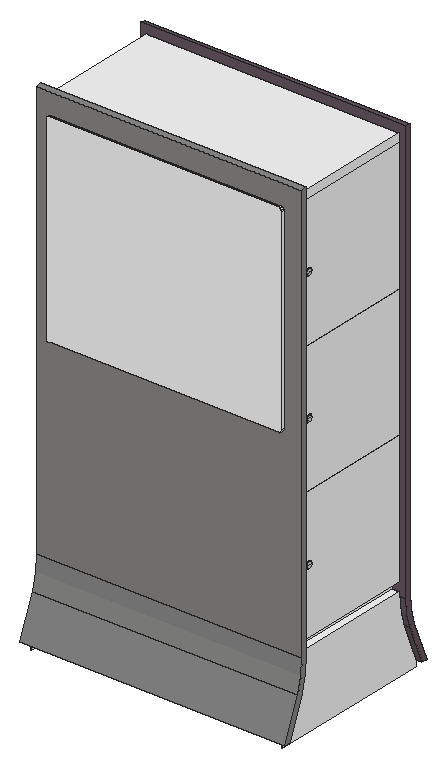
Revit family "Screen-Teknion-STBF_Qui-R2014", category Furniture, Revit 2014
Parameters (values of type "31 1/2" x 59", With Whiteboard")
  With Whiteboard = yes
  With Lock [instance] = yes
  Width = 31 1/2"
  Warranty = "http://www.teknionstudio.com/pdfs/Teknion%20Studio%20Warranty.pdf"
  Upholstery Finish of Side B [instance] = Fabric - Teknion - F223 - Full Wool - Deep Orchid
  Upholstery Finish of Side A [instance] = Fabric - Teknion - F206 - Full Wool - Fantasme
  Unit Weight = 55.00 lbf
  URL = "http://www.teknionstudio.com"
  Symbolic Lines = not(With Whiteboard)  # no
  Storage Finish = Mica - Teknion - V - Satin - Very White
  Series = "Studio"
  Product Page URL = "http://teknionstudio.com/qui_screens/"
  Product Line = "Qui"
  Product Documentation Link = "http://www.teknionstudio.com/pricing/STBF_ppg.pdf"
  Part Number = "STBF"
  Model = "STBFAM"
  Manufacturer Phone = "919-464-2920"
  Manufacturer Fax = "919-464-2927"
  Manufacturer Email = "customersupport@teknionstudio.com"
  Manufacturer Address = "3953 US 70 Business HWY West, Clayton, NC 27520"
  Manufacturer = "Studio TK"
  Low Emitting Material = yes
  Low Emitting Finish = yes
  Height = 59.72953"
  Description = "Qui Mobile Screen with Doors, 3 Doors, With Whiteboard"
  Depth = 21"
  Assembly Code = "E2020200"
Types (3): name | With Whiteboard | Symbolic Lines | Model | Description
  (no name) | yes | no | "STBFAM" | "Qui Mobile Screen with Doors, 3 Doors, With Whiteboard"
  31 1/2" x 59", With Whiteboard | yes | no | "STBFAM" | "Qui Mobile Screen with Doors, 3 Doors, With Whiteboard"
  31 1/2" x 59", Without Whiteboard | no | yes | "STBFAN" | "Qui Mobile Screen with Doors, 3 Doors, Without Whiteboard"
Reference planes (in)
  plane 1 "Center F/B": y = 0
  plane 2: z = 0
  plane 3 "Center L/R": x = 0
  plane 4 "Left": x = -15.75
  plane 5 "Right": x = 15.75
  plane 6 "Back": y = 8.03912
  plane 7 "Front": y = -8.03912
  plane 8 "Top": z = 59.72953
  plane 9: z = 58.71402
  plane 10: x = -15.00002
  plane 11: x = 14.99999
  plane 12: z = 1.51987
  plane 13: z = 9.84584
  plane 14: z = 0.76119
  plane 15: x = 14.875
  plane 16: x = -14.875
  plane 17: z = 26.464
  plane 18: z = 42.089
  plane 19: z = 10.839
  plane 20: z = 57.714
  plane 21: y = 6.07015
  plane 22: y = -6.11984
  plane 23: x = -10.875
  plane 24: x = 10.875
  plane 25: y = 8.81457
  plane 26: y = -8.81457
  plane 27: y = 10.5
  plane 28: y = -10.5
Forms (in)
  Sweep 1, solid, material "Mica - Teknion - V - Satin - Very White" <- "Storage Finish"
    path origin (0, 0, 0) x (1, 0, 0) y (0, 0, 1)
      loop
        line (-15.00002, 0) -> (14.99999, 0)
    profile origin (-0.00001, 0, 0) x (0, 0, 1) y (0, -1, 0)
      loop
        line (0.76119, -9.92672) -> (1.51987, -9.92672) -> (1.51987, -9.83171) -> (6.02694, -8.05001)
        arc (6.02694, -8.05001) -> (7.90949, -7.56741) -> (9.84584, -7.40164) r 11.75294
        line (9.84584, -7.40164) -> (9.84584, 7.40164)
        arc (9.84584, 7.40164) -> (7.90949, 7.56741) -> (6.02694, 8.05001) r 11.75294
        line (6.02694, 8.05001) -> (1.51987, 9.83171) -> (1.51987, 9.92672) -> (0.76119, 9.92672) -> (0.76119, -9.92672)
  Sweep 2, solid, material "Fabric - Teknion - F223 - Full Wool - Deep Orchid" <- "Upholstery Finish of Side B"
    path origin (0, 0, 0) x (1, 0, 0) y (0, 0, 1)
      loop
        line (-15.75, 0) -> (15.75, 0)
    profile origin (0, 0, 0) x (0, 0, 1) y (0, -1, 0)
      loop
        line (59.72953, -7.41411) -> (9.33465, -7.41411)
        arc (9.33465, -7.41411) -> (7.65789, -7.61295) -> (6.02694, -8.05001) r 11.75294
        line (6.02694, -8.05001) -> (1.51987, -9.83171) -> (1.51987, -10.50377) -> (6.1296, -8.68148)
        arc (6.1296, -8.68148) -> (7.96017, -8.20089) -> (9.84584, -8.03912) r 11.07082
        line (9.84584, -8.03912) -> (59.64177, -8.03912) -> (59.72953, -7.41411)
  Sweep 3, solid, material "Fabric - Teknion - F206 - Full Wool - Fantasme" <- "Upholstery Finish of Side A"
    path origin (0, 0, 0) x (1, 0, 0) y (0, 0, 1)
      loop
        line (-15.75, 0) -> (15.75, 0)
    profile origin (0, 0, 0) x (0, 0, 1) y (0, -1, 0)
      loop
        line (59.72953, 7.41411) -> (59.64177, 8.03912) -> (9.84584, 8.03912)
        arc (9.84584, 8.03912) -> (7.96017, 8.20089) -> (6.1296, 8.68148) r 11.07082
        line (6.1296, 8.68148) -> (1.51987, 10.50377) -> (1.51987, 9.83171) -> (6.02694, 8.05001)
        arc (6.02694, 8.05001) -> (7.91051, 7.57665) -> (9.84584, 7.41411) r 11.97077
        line (9.84584, 7.41411) -> (59.72953, 7.41411)
  Sweep 4, solid, material "Mica - Teknion - V - Satin - Very White" <- "Storage Finish"
    path origin (0, 0, 59.72953) x (-1, 0, 0) y (0, -1, 0)
      loop
        line (0, -7.41411) -> (0, 7.41411)
    profile origin (0, 0, 59.72953) x (1, 0, 0) y (0, 0, 1)
      loop
        line (-14.25002, -2.07503) -> (-15.00002, -2.07503) -> (-15.00002, -17.58103) -> (-14.25002, -17.58103) -> (-14.25002, -2.07503)
      loop
        line (-15.00002, -17.70003) -> (-15.00002, -33.20603) -> (-14.25001, -33.20603) -> (-14.25001, -17.70003) -> (-15.00002, -17.70003)
      loop
        line (-15.00002, -33.32503) -> (-15.00002, -48.83103) -> (-14.25001, -48.83103) -> (-14.25001, -33.32503) -> (-15.00002, -33.32503)
      loop
        line (14.25002, -2.07503) -> (14.25002, -17.58103) -> (14.99999, -17.58103) -> (14.99999, -2.07503) -> (14.25002, -2.07503)
      loop
        line (14.99999, -17.70003) -> (14.25001, -17.70003) -> (14.25001, -33.20603) -> (14.99999, -33.20603) -> (14.99999, -17.70003)
      loop
        line (14.99999, -33.32503) -> (14.25001, -33.32503) -> (14.25001, -48.83103) -> (14.99999, -48.83103) -> (14.99999, -33.32503)
      loop
        line (-15.00002, -1.01552) -> (-15.00002, -2.01553) -> (14.99999, -2.01553) -> (14.99999, -1.01552) -> (-15.00002, -1.01552)
  Extrusion 5, void
    sketch origin (0, 0, 0) x (0, 1, 0) y (0, 0, 1)
      loop
        line (9.92672, 1.51987) -> (9.83171, 1.51987) -> (8.85235, 3.99728) -> (4.78633, 3.99728) -> (4.78633, 4.18728) -> (8.77724, 4.18728) -> (8.05001, 6.02694)
        arc (8.05001, 6.02694) -> (7.57268, 7.87869) -> (7.40197, 9.78334) r 11.75294
        line (7.40197, 9.78334) -> (-7.40197, 9.78334)
        arc (-7.40197, 9.78334) -> (-7.57268, 7.87869) -> (-8.05001, 6.02694) r 11.75294
        line (-8.05001, 6.02694) -> (-8.77724, 4.18728) -> (-4.78633, 4.18728) -> (-4.78633, 3.99728) -> (-8.85235, 3.99728) -> (-9.83171, 1.51987) -> (-9.92672, 1.51987) -> (-9.92672, 0.76119) -> (9.92672, 0.76119) -> (9.92672, 1.51987)
    from -14.875 to 14.875
  Sweep 6, solid, material "Marker Board - Teknion - White", visible <- "With Whiteboard"
    path origin (0, 0, 0) x (1, 0, 0) y (0, 1, 0)
      loop
        line (0, -8.56457) -> (0, -8.81457)
    profile origin (0, -8.68957, 0) x (1, 0, 0) y (0, 0, 1)
      loop
        arc (-13.62501, 57.48062) -> (-13.89021, 57.37076) -> (-14.00006, 57.10556) r 0.37506
        line (-14.00006, 57.10556) -> (-14.00006, 33.8555)
        arc (-14.00006, 33.8555) -> (-13.89019, 33.59033) -> (-13.62502, 33.4805) r 0.375
        line (-13.62502, 33.4805) -> (13.62498, 33.4805)
        arc (13.62498, 33.4805) -> (13.88343, 33.58379) -> (13.99951, 33.83675) r 0.375
        line (13.99951, 33.83675) -> (13.99951, 57.10536)
        arc (13.99951, 57.10536) -> (13.8896, 57.37071) -> (13.62425, 57.48062) r 0.37526
        line (13.62425, 57.48062) -> (-13.62501, 57.48062)
  Sweep 7, solid, material "Marker Board - Teknion - White", visible <- "With Whiteboard"
    path origin (0, 0.25, 0) x (1, 0, 0) y (0, 1, 0)
      loop
        line (0, -8.28912) -> (0, -8.81457)
    profile origin (0, -8.30184, 0) x (1, 0, 0) y (0, 0, 1)
      loop
        line (-10.62504, 54.1055) -> (-10.62504, 36.8555) -> (10.62496, 36.8555) -> (10.62496, 54.1055) -> (-10.62504, 54.1055)
      loop
        line (-13.00004, 56.4805) -> (-13.00004, 34.4805) -> (12.99998, 34.4805) -> (12.99998, 56.4805) -> (-13.00004, 56.4805)
  Sweep 8, solid, material "Marker Board - Teknion - White", visible <- "With Whiteboard"
    path origin (0, 0, 0) x (1, 0, 0) y (0, -1, 0)
      loop
        line (0, -8.56457) -> (0, -8.81457)
    profile origin (0, 8.68957, 0) x (-1, 0, 0) y (0, 0, 1)
      loop
        line (13.62501, 57.48062) -> (-13.62425, 57.48062)
        arc (-13.62425, 57.48062) -> (-13.8896, 57.37071) -> (-13.99951, 57.10536) r 0.37526
        line (-13.99951, 57.10536) -> (-13.99951, 33.83675)
        arc (-13.99951, 33.83675) -> (-13.88343, 33.58379) -> (-13.62498, 33.4805) r 0.375
        line (-13.62498, 33.4805) -> (13.62502, 33.4805)
        arc (13.62502, 33.4805) -> (13.89019, 33.59033) -> (14.00006, 33.8555) r 0.375
        line (14.00006, 33.8555) -> (14.00006, 57.10556)
        arc (14.00006, 57.10556) -> (13.89021, 57.37076) -> (13.62501, 57.48062) r 0.37506
  Sweep 9, solid, material "Marker Board - Teknion - White", visible <- "With Whiteboard"
    path origin (0, -0.25, 0) x (1, 0, 0) y (0, -1, 0)
      loop
        line (0, -8.28912) -> (0, -8.81457)
    profile origin (0, 8.30184, 0) x (-1, 0, 0) y (0, 0, 1)
      loop
        line (10.62504, 54.168) -> (-10.62496, 54.168) -> (-10.62496, 36.918) -> (10.62504, 36.918) -> (10.62504, 54.168)
      loop
        line (13.00004, 56.543) -> (-12.99998, 56.543) -> (-12.99998, 34.543) -> (13.00004, 34.543) -> (13.00004, 56.543)
  Sweep 10, solid, material "Mica - Teknion - V - Satin - Very White" <- "Storage Finish"
    path origin (0, 0, 0) x (1, 0, 0) y (0, 0, 1)
      loop
        line (0, 11.30607) -> (0, 9.84584)
    profile origin (0, 0, 10.57596) x (0, -1, 0) y (1, 0, 0)
      loop
        line (-7.41411, -14.125) -> (7.41411, -14.125) -> (7.41411, 14.125) -> (-7.41411, 14.125) -> (-7.41411, -14.125)
Cuts and joins
  Extrusion 5 cuts Sweep 1
  Extrusion 5 cuts Sweep 2
  Extrusion 5 cuts Sweep 3
  joined: Sweep 6, Sweep 7
  joined: Sweep 8, Sweep 9
Lines and regions (in)
  Masking region 1
    outline origin (0, 0, 0) x (1, 0, 0) y (0, 1, 0)
      loop
        line (-15.75, -7.41411) -> (-15.75, -10.5) -> (15.75, -10.5) -> (15.75, -7.41411) -> (14.99999, -7.41411) -> (14.99999, 7.41411) -> (15.75, 7.41411) -> (15.75, 10.5) -> (-15.75, 10.5) -> (-15.75, 7.41411) -> (-15.00002, 7.41411) -> (-15.00002, -7.41411) -> (-15.75, -7.41411)
  Masking region 2, visible <- "With Whiteboard"
    outline origin (0, 0, 0) x (1, 0, 0) y (0, 1, 0)
      loop
        line (-13.00004, 8.56457) -> (-13.00004, 8.03912) -> (-10.62504, 8.03912) -> (-10.62504, 8.56457) -> (10.62496, 8.56457) -> (10.62496, 8.03912) -> (12.99998, 8.03912) -> (12.99998, 8.56457) -> (13.99951, 8.56457) -> (13.99951, 8.81457) -> (-14.00006, 8.81457) -> (-14.00006, 8.56457) -> (-13.00004, 8.56457)
      loop
        line (-13.00004, -8.56457) -> (-14.00006, -8.56457) -> (-14.00006, -8.81457) -> (13.99951, -8.81457) -> (13.99951, -8.56457) -> (12.99998, -8.56457) -> (12.99998, -8.03912) -> (10.62496, -8.03912) -> (10.62496, -8.56457) -> (-10.62504, -8.56457) -> (-10.62504, -8.03912) -> (-13.00004, -8.03912) -> (-13.00004, -8.56457)
  symbolic lines, detail levels medium+fine
    curve 1: line (-15.75, -8.03912, 59.72953) -> (15.75, -8.03912, 59.72953)
    curve 2: line (15.75, 8.05001, 59.72953) -> (-15.75, 8.05001, 59.72953)
  symbolic lines, style "FurnitureSystems", detail levels fine
    curve 3: line (15.75, 8.05001, 0) -> (-15.75, 8.05001, 0)
  symbolic lines, style "FurnitureSystems"
    curve 4: line (-15.00002, 7.41411, 0) -> (14.99999, 7.41411, 0)
    curve 5: line (-15.00002, -7.41411, 0) -> (14.99999, -7.41411, 0)
  symbolic lines, style "FurnitureSystems", visible <- "With Whiteboard", detail levels fine
    curve 6: line (-13.00004, 8.56457, 0) -> (-10.62504, 8.56457, 0)
    curve 7: line (10.62496, 8.56457, 0) -> (12.99998, 8.56457, 0)
    curve 8: line (12.99998, -8.56457, 0) -> (10.62496, -8.56457, 0)
    curve 9: line (-13.00004, -8.56457, 0) -> (-10.62504, -8.56457, 0)
  symbolic lines, style "FurnitureSystems", visible <- "With Whiteboard"
    curve 10: line (-15.75, 8.03912, 0) -> (15.75, 8.03912, 0)
    curve 11: line (-15.75, -8.03912, 0) -> (15.75, -8.03912, 0)
  symbolic lines, style "FurnitureSystems", visible <- "Symbolic Lines", detail levels fine
    curve 12: line (15.75, 8.68148, 0) -> (-15.75, 8.68148, 0)
    curve 13: line (15.75, -8.68148, 0) -> (-15.75, -8.68148, 0)
Dimensions and locks (in)
  equal spacing: plane 4 "Left", plane 3 "Center L/R", plane 5 "Right"
  plane 13 to plane 12 to plane 14 to plane 2 = 8.32598" locked, 0.75867" locked, 0.76119"
  locked: Sweep 2 sketch curve to plane 13 at 0.03089
  locked: Sweep 2 sketch curve to Sweep 2 sketch curve at 0.625
  locked: plane 8 "Top" to Sweep 2 sketch curve at 0.08777
  locked: plane 8 "Top" to Sweep 3 sketch curve at 0.08777
  locked: Sweep 3 sketch curve to plane 13 at 0.03089
  locked: Sweep 3 sketch curve to Sweep 3 sketch curve at 0.625
  locked: plane 6 "Back" to Sweep 2 sketch curve at 0.62501
  locked: Sweep 3 sketch curve to plane 7 "Front" at 0.62501
  locked: plane 13 to Extrusion 5 sketch curve at 0.0625
  equal spacing: plane 20, plane 18, plane 17, plane 19, locked at 15.625 each
  locked: plane 9 to plane 20 at 1.00001
  locked: plane 8 "Top" to plane 9 at 1.01552
  locked: plane 4 "Left" to plane 10 at 0.74998
  locked: plane 4 "Left" to plane 16 at 0.875
  locked: plane 11 to plane 5 "Right" at 0.75001
  locked: plane 15 to plane 5 "Right" at 0.875
  equal spacing: Sweep 4 sketch curve, plane 1 "Center F/B", Sweep 4 sketch curve
  locked: plane 1 "Center F/B" to Sweep 4 sketch curve at 7.41411
  locked: plane 20 to Sweep 4 sketch curve at 0.0595  (x2)
  Sweep 4 sketch curve to plane 18 to Sweep 4 sketch curve = 0.0595" locked, 0.0595" locked  (x2)
  Sweep 4 sketch curve to plane 17 to Sweep 4 sketch curve = 0.0595" locked, 0.0595" locked  (x2)
  locked: Sweep 4 sketch curve to plane 19 at 0.0595  (x2)
  locked: plane 27 to plane 21 at 4.42985
  locked: plane 28 to plane 22 at 4.38016
  locked: nested 1 to plane 18 at 7.8125
  locked: nested 4 to plane 18 at 7.8125
  locked: nested 2 to plane 17 at 7.8125
  locked: nested 5 to plane 17 at 7.8125
  locked: plane 19 to nested 6 at 7.8125
  locked: nested 3 to plane 19 at 7.8125
  locked: Sweep 10 sketch curve to plane 13 at 1.46023
  equal spacing: Sweep 10 sketch curve, plane 1 "Center F/B", Sweep 10 sketch curve
  locked: plane 1 "Center F/B" to Sweep 10 sketch curve at 7.41411
  equal spacing: Sweep 10 sketch curve, plane 3 "Center L/R", Sweep 10 sketch curve
  locked: Sweep 10 sketch curve to plane 3 "Center L/R" at 14.125
  equal spacing: Sweep 1 sketch curve, plane 1 "Center F/B", Sweep 1 sketch curve, locked at 9.92672 each
  Extrusion 5 sketch curve to plane 1 "Center F/B" to Extrusion 5 sketch curve = 4.78633" locked, 4.78633" locked
  Extrusion 5 sketch curve to plane 1 "Center F/B" to Extrusion 5 sketch curve = 9.92672" locked, 9.92672" locked
  Extrusion 5 sketch curve to Extrusion 5 sketch curve to plane 12 = 0.19" locked, 2.47742" locked  (x2)
  "Width": plane 4 "Left" to plane 5 "Right"
  equal spacing: plane 23, plane 3 "Center L/R", plane 24, locked at 10.875 each
  locked: plane 25 to plane 6 "Back" at 0.77545
  locked: plane 7 "Front" to plane 26 at 0.77545
  equal spacing: plane 27, plane 1 "Center F/B", plane 28
  "Depth": plane 27 to plane 28
  locked: plane 26 to plane 28 at 1.68543
  locked: plane 25 to plane 27 at 1.68543
  locked: Sweep 6 sketch curve to plane 26 at 0.25
  Sweep 6 sketch curve to plane 3 "Center L/R" to Sweep 6 sketch curve = 14.00006" locked, 13.99951" locked
  plane 8 "Top" to Sweep 6 sketch curve to Sweep 6 sketch curve = 2.24892" locked, 24.00012" locked
  locked: Sweep 7 sketch curve to plane 7 "Front" at 0.52545
  Sweep 7 sketch curve to Sweep 7 sketch curve to plane 3 "Center L/R" to Sweep 7 sketch curve to Sweep 7 sketch curve = 2 3/8" locked, 10.62496" locked, 10.62504" locked, 2 3/8" locked
  plane 8 "Top" to Sweep 7 sketch curve to Sweep 7 sketch curve to Sweep 7 sketch curve to Sweep 7 sketch curve = 3.24904" locked, 2 3/8" locked, 17 1/4" locked, 2 3/8" locked
  locked: Sweep 8 sketch curve to plane 25 at 0.25
  Sweep 8 sketch curve to plane 3 "Center L/R" to Sweep 8 sketch curve = 13.99951" locked, 14.00006" locked
  Sweep 8 sketch curve to Sweep 8 sketch curve to plane 8 "Top" = 24.00012" locked, 2.24892" locked
  locked: Sweep 9 sketch curve to plane 6 "Back" at 0.52545
  Sweep 9 sketch curve to Sweep 9 sketch curve to plane 18 to Sweep 9 sketch curve to Sweep 9 sketch curve = 2 3/8" locked, 12.07899" locked, 5.17101" locked, 2 3/8" locked
  locked: plane 19 to plane 13 at 0.99316
  locked: Sweep 2 sketch curve to plane 12 (angle 111.569°)
  locked: plane 8 "Top" to Sweep 2 sketch curve (angle 7.99351°)
  locked: Sweep 3 sketch curve to plane 8 "Top" (angle 7.99351°)
  locked: plane 12 to Sweep 3 sketch curve (angle 111.569°)  (x2)
  aligned and locked: level to plane 2
  aligned and locked: plane 10 to Sweep 1 sketch curve
  aligned and locked: plane 11 to Sweep 1 sketch curve
  aligned and locked: Sweep 1 sketch curve to plane 2
  aligned and locked: plane 4 "Left" to Sweep 2 sketch curve
  aligned and locked: plane 5 "Right" to Sweep 2 sketch curve
  aligned and locked: Sweep 2 sketch curve to plane 2
  aligned and locked: Sweep 2 sketch curve to plane 12
  aligned and locked: plane 13 to Sweep 2 sketch curve
  aligned and locked: plane 4 "Left" to Sweep 3 sketch curve
  aligned and locked: plane 5 "Right" to Sweep 3 sketch curve
  aligned and locked: Sweep 3 sketch curve to plane 2
  aligned and locked: plane 12 to Sweep 3 sketch curve
  aligned and locked: plane 8 "Top" to Sweep 3 sketch curve
  aligned and locked: plane 13 to Sweep 3 sketch curve
  aligned and locked: curve 1 to Sweep 3
  aligned and locked: curve 2 to Sweep 2
  aligned and locked: plane 6 "Back" to Sweep 2 sketch curve
  aligned and locked: plane 7 "Front" to Sweep 3 sketch curve
  aligned and locked: plane 12 to Sweep 1 sketch curve
  aligned and locked: plane 14 to Sweep 1 sketch curve
  aligned and locked: plane 13 to Sweep 1 sketch curve
  aligned and locked: Sweep 4 sketch curve to plane 3 "Center L/R"
  aligned and locked: Extrusion 5 sketch curve to cut or joined group of Sweep 1, Extrusion 5  (x4)
  aligned and locked: cut or joined group of Sweep 1, Extrusion 5 to plane 16
  aligned and locked: Sweep 4 sketch curve to plane 20
  aligned and locked: Sweep 4 sketch curve to plane 9
  aligned and locked: plane 10 to Sweep 4 sketch curve  (x3)
  aligned and locked: Sweep 4 sketch curve to plane 10
  aligned and locked: Sweep 4 sketch curve to plane 11  (x2)
  aligned and locked: plane 11 to Sweep 4 sketch curve  (x2)
  aligned and locked: nested 1 to plane 21
  aligned and locked: nested 2 to plane 21
  aligned and locked: nested 3 to plane 21
  aligned and locked: nested 6 to plane 22
  aligned and locked: nested 5 to plane 22
  aligned and locked: nested 4 to plane 22
  aligned and locked: Sweep 10 sketch curve to plane 3 "Center L/R"
  aligned and locked: plane 13 to Sweep 10 sketch curve
  aligned and locked: Extrusion 5 sketch curve to plane 14
  aligned and locked: plane 12 to Extrusion 5 sketch curve  (x2)
  aligned and locked: plane 21 to nested 7
  aligned and locked: plane 21 to nested 8
  aligned and locked: nested 9 to plane 22
  aligned and locked: nested 10 to plane 22
  aligned and locked: nested 7 to plane 23
  aligned and locked: plane 23 to nested 9
  aligned and locked: plane 24 to nested 8
  aligned and locked: nested 10 to plane 24
  aligned and locked: plane 26 to Sweep 6 sketch curve
  aligned and locked: Sweep 6 sketch curve to plane 3 "Center L/R"
  aligned and locked: plane 7 "Front" to Sweep 7 sketch curve
  aligned and locked: Sweep 7 sketch curve to plane 3 "Center L/R"
  aligned and locked: plane 3 "Center L/R" to Sweep 8 sketch curve
  aligned and locked: plane 25 to Sweep 8 sketch curve
  aligned and locked: plane 3 "Center L/R" to Sweep 9 sketch curve
  aligned and locked: plane 6 "Back" to Sweep 9 sketch curve
  aligned and locked: Masking region 1 sketch curve to plane 4 "Left"  (x2)
  aligned and locked: Masking region 1 sketch curve to plane 28
  aligned and locked: Masking region 1 sketch curve to plane 5 "Right"  (x2)
  aligned and locked: cut or joined group of Sweep 3, Extrusion 5 to Masking region 1 sketch curve
  aligned and locked: Masking region 1 sketch curve to cut or joined group of Sweep 2, Extrusion 5
  aligned and locked: Masking region 1 sketch curve to plane 27
  aligned and locked: Masking region 1 sketch curve to cut or joined group of Sweep 3, Extrusion 5
  aligned and locked: Masking region 1 sketch curve to plane 11
  aligned and locked: curve 3 to curve 2
  aligned and locked: curve 4 to Sweep 4
  aligned and locked: curve 5 to Sweep 4
  aligned and locked: Masking region 2 sketch curve to Sweep 9  (x4)
  aligned and locked: Sweep 8 to Masking region 2 sketch curve  (x2)
  aligned and locked: Masking region 2 sketch curve to plane 25
  aligned and locked: Masking region 2 sketch curve to plane 6 "Back"  (x2)
  aligned and locked: Masking region 2 sketch curve to Sweep 8  (x2)
  aligned and locked: Masking region 2 sketch curve to cut or joined group of Sweep 6, Sweep 7  (x8)
  aligned and locked: plane 26 to Masking region 2 sketch curve
  aligned and locked: plane 7 "Front" to Masking region 2 sketch curve  (x2)
  aligned and locked: cut or joined group of Sweep 6, Sweep 7 to curve 9
  aligned and locked: curve 8 to cut or joined group of Sweep 6, Sweep 7
  aligned and locked: curve 7 to Sweep 8
  aligned and locked: curve 6 to Sweep 8
  aligned and locked: plane 4 "Left" to curve 10
  aligned and locked: plane 5 "Right" to curve 10
  aligned and locked: curve 10 to plane 6 "Back"
  aligned and locked: plane 4 "Left" to curve 11
  aligned and locked: plane 5 "Right" to curve 11
  aligned and locked: plane 7 "Front" to curve 11
  aligned and locked: curve 12 to cut or joined group of Sweep 2, Extrusion 5
  aligned and locked: curve 13 to cut or joined group of Sweep 3, Extrusion 5
  aligned and locked: nested 9 to plane 2
  aligned and locked: plane 2 to nested 7
  aligned and locked: nested 10 to plane 2
  aligned and locked: plane 2 to nested 8
Automatic sketch dimensions
  Sweep 1 sketch curve to profile plane = 1.51987"
  Sweep 1 sketch curve to Sweep 1 sketch curve = 3.81891"  (x2)
  Sweep 1 sketch curve to profile plane = 9.87674"  (x2)
  Sweep 1 sketch curve to Sweep 1 sketch curve = 0.09501"  (x2)
  Sweep 1 sketch curve to Sweep 1 sketch curve = 1.7817"  (x2)
  Sweep 1 sketch curve to Sweep 1 sketch curve = 0.64837"  (x2)
  Sweep 2 sketch curve to profile plane = 6.02694"
  Sweep 2 sketch curve to plane 1 "Center F/B" = 10.50377"
  Sweep 2 sketch curve to plane 1 "Center F/B" = 8.68148"
  Sweep 2 sketch curve to Sweep 2 sketch curve = 0.51119"
  Sweep 3 sketch curve to profile plane = 6.02694"
  plane 1 "Center F/B" to Sweep 3 sketch curve = 8.05001"
  plane 1 "Center F/B" to Sweep 3 sketch curve = 8.68148"
  Sweep 3 sketch curve to Sweep 3 sketch curve = 0"
  curve 1 to plane 5 "Right" = 0"
  curve 2 to plane 5 "Right" = 0"
  curve 2 to plane 4 "Left" = 0"
  curve 1 to plane 4 "Left" = 0"
  Sweep 4 sketch curve to Sweep 4 sketch curve = 3/4"  (x4)
  Sweep 4 sketch curve to profile plane = 14.25002"
  Sweep 4 sketch curve to Sweep 4 sketch curve = 0.74998"
  profile plane to Sweep 6 sketch curve = 13.62502"
  Sweep 6 sketch curve to Sweep 6 sketch curve = 0.37506"
  Sweep 6 sketch curve to Sweep 6 sketch curve = 0.37526"
  Sweep 6 sketch curve to Sweep 6 sketch curve = 0.00004"
  Sweep 6 sketch curve to Sweep 6 sketch curve = 0.37453"
  Sweep 6 sketch curve to Sweep 6 sketch curve = 0"  (x3)
  Sweep 6 sketch curve to Sweep 6 sketch curve = 0.35625"
  Sweep 8 sketch curve to profile plane = 13.62502"
  Sweep 8 sketch curve to Sweep 8 sketch curve = 0.37526"
  Sweep 8 sketch curve to Sweep 8 sketch curve = 0.37506"
  Sweep 8 sketch curve to Sweep 8 sketch curve = 0.37453"
  Sweep 8 sketch curve to Sweep 8 sketch curve = 0"  (x3)
  Sweep 8 sketch curve to Sweep 8 sketch curve = 0.00004"
  Sweep 8 sketch curve to Sweep 8 sketch curve = 0.35625"
  profile plane to Sweep 9 sketch curve = 12.99998"
  Sweep 9 sketch curve to Sweep 9 sketch curve = 2 3/8"  (x2)
  Sweep 9 sketch curve to profile plane = 10.62504"
  Extrusion 5 sketch curve to Extrusion 5 sketch curve = 0.07511"  (x2)
  plane 7 "Front" to Extrusion 5 sketch curve = 0.01089"
  Extrusion 5 sketch curve to Extrusion 5 sketch curve = 0.09501"
  Sweep 1 sketch curve to plane 1 "Center F/B" = 9.92672"
  Masking region 1 sketch curve to plane 10 = 0"
  Masking region 1 sketch curve to plane 27 = 3.08589"
  plane 16 to Masking region 2 sketch curve = 0.87494"  (x2)
  curve 3 to plane 4 "Left" = 0"
  curve 4 to plane 10 = 0"
  curve 5 to plane 10 = 0"
  curve 4 to plane 11 = 0"
  curve 5 to plane 11 = 0"
  curve 3 to plane 5 "Right" = 0"
  plane 16 to curve 9 = 1.87496"
  plane 16 to curve 6 = 1.87496"
  curve 9 to plane 23 = 0.24996"
  curve 6 to plane 23 = 0.24996"
  curve 7 to plane 24 = 0.25004"
  curve 8 to plane 24 = 0.25004"
  plane 15 to curve 7 = 1.87502"
  plane 15 to curve 8 = 1.87502"
  curve 12 to plane 4 "Left" = 0"
  curve 12 to plane 5 "Right" = 0"
  curve 13 to plane 4 "Left" = 0"
  curve 13 to plane 5 "Right" = 0"
Nested families (in)
  nested 1: "Lock-Teknion-Qui" at (-15.00002, 6.07015, 49.9015) x (0, -1, 0) z (0, 0, 1), visible <- "With Lock", type "Lock", detail levels medium+fine
  nested 2: "Lock-Teknion-Qui" at (-15.00002, 6.07015, 34.2765) x (0, -1, 0) z (0, 0, 1), visible <- "With Lock", type "Lock", detail levels medium+fine
  nested 3: "Lock-Teknion-Qui" at (-15.00002, 6.07015, 18.6515) x (0, -1, 0) z (0, 0, 1), visible <- "With Lock", type "Lock", detail levels medium+fine
  nested 4: "Lock-Teknion-Qui" at (14.99999, -6.11984, 49.9015) x (0, 1, 0) z (0, 0, 1), visible <- "With Lock", type "Lock", detail levels medium+fine
  nested 5: "Lock-Teknion-Qui" at (14.99999, -6.11984, 34.2765) x (0, 1, 0) z (0, 0, 1), visible <- "With Lock", type "Lock", detail levels medium+fine
  nested 6: "Lock-Teknion-Qui" at (14.99999, -6.11984, 18.6515) x (0, 1, 0) z (0, 0, 1), visible <- "With Lock", type "Lock", detail levels medium+fine
  nested 7: "Caster-Teknion-Qui" at (-10.875, 6.07015, 0) x (0, 1, 0) z (0, 0, 1), type "Caster"
  nested 8: "Caster-Teknion-Qui" at (10.875, 6.07015, 0) x (0, 1, 0) z (0, 0, 1), type "Caster"
  nested 9: "Caster-Teknion-Qui" at (-10.875, -6.11984, 0) x (0, -1, 0) z (0, 0, 1), type "Caster"
  nested 10: "Caster-Teknion-Qui" at (10.875, -6.11984, 0) x (0, -1, 0) z (0, 0, 1), type "Caster"
Definition of nested family "Lock-Teknion-Qui"
  Reference planes (in)
    plane 1 "Center (Front/Back)": y = 0
    plane 2: z = 0
    plane 3 "Center (Left/Right)": x = 0
  Forms (in)
    Revolve 1, solid
      sketch origin (0, 0, 0) x (0, -1, 0) y (1, 0, 0)
        loop
          line (0.1245, 0) -> (0.1245, 0.31094) -> (0.06173, 0.31094) -> (0.06173, 0.35562)
          arc (0.06173, 0.35562) -> (0.04324, 0.39715) -> (0, 0.4112) r 0.05589
          line (0, 0.4112) -> (0, 0) -> (0.1245, 0)
        axis (0.1245, 0) -> (0, 0)
      angle from 0 to 360
    Extrusion 2, void
      sketch origin (0, 0, 0) x (1, 0, 0) y (0, 0, 1)
        loop
          line (-0.125, 0.03125) -> (-0.125, -0.03125) -> (0.125, -0.03125) -> (0.125, 0.03125) -> (-0.125, 0.03125)
      from -0.06816 to 0.1245
  Cuts and joins
    Extrusion 2 cuts Revolve 1
  Lines and regions (in)
    Masking region 1
      outline origin (0, 0, 0) x (1, 0, 0) y (0, 1, 0)
        loop
          line (0.4112, 0) -> (-0.4112, 0)
          arc (-0.4112, 0) -> (-0.39448, -0.04638) -> (-0.34763, -0.06173) r 0.0562
          line (-0.34763, -0.06173) -> (-0.31087, -0.06173) -> (-0.31087, -0.1245) -> (0.31087, -0.1245) -> (0.31087, -0.06173) -> (0.34763, -0.06173)
          arc (0.34763, -0.06173) -> (0.39448, -0.04638) -> (0.4112, 0) r 0.0562
    symbolic lines
      curve 1: line (0.35562, -0.06173, 0) -> (-0.35562, -0.06173, 0)
  Dimensions and locks (in)
    Revolve 1 sketch curve to Revolve 1 sketch curve to plane 1 "Center (Front/Back)" = 0.06277" locked, 0.06173" locked
    aligned and locked: level to plane 2
    aligned and locked: Revolve 1 sketch curve to plane 3 "Center (Left/Right)"
    aligned and locked: plane 3 "Center (Left/Right)" to Revolve 1 sketch curve
    aligned and locked: Revolve 1 to Extrusion 2
    aligned and locked: Revolve 1 sketch curve to plane 2
    aligned and locked: Revolve 1 sketch curve to plane 1 "Center (Front/Back)"
    aligned and locked: Masking region 1 sketch curve to cut or joined group of Revolve 1, Extrusion 2  (x2)
    aligned and locked: cut or joined group of Revolve 1, Extrusion 2 to Masking region 1 sketch curve
    aligned and locked: curve 1 to cut or joined group of Revolve 1, Extrusion 2
Definition of nested family "Caster-Teknion-Qui"
  Parameters (values of type "Caster")
    URL = ""
    Model = ""
    Manufacturer = ""
    Description = ""
    Assembly Code = ""
  Reference planes (in)
    plane 1 "Center F/B": y = 0
    plane 2: z = 0
    plane 3 "Center L/R": x = 0
    plane 4 "Top": z = 3.99729
    plane 5: z = 3.47229
    plane 6 "Axis": z = 1.5038
  Forms (in)
    Revolve 1, solid, material "Plastic - Teknion - E - Ebony"
      sketch origin (0, 0, 1.5038) x (-1, 0, 0) y (0, -1, 0)
        loop
          line (0.72499, -1.14449) -> (0.72499, 0.35551) -> (-0.72499, 0.35551) -> (-0.72499, -1.14449) -> (0.72499, -1.14449)
        axis (0.72499, -1.14449) -> (-0.72499, -1.14449)
      angle from 0 to 360
    Sweep 2, solid
      path origin (0, 9, 0) x (0, 1, 0) y (0, 0, 1)
        loop
          line (-9, 3.99729) -> (-9, 3.47229)
      profile origin (0, 0, 3.73479) x (1, 0, 0) y (0, 1, 0)
        loop
          circle (0, 0) r 1.18001
    Extrusion 3, solid
      sketch origin (0, 0, 17.3001) x (-1, 0, 0) y (0, -1, 0)
        loop
          line (0.87501, -1.70699) -> (0.87501, -0.84117)
          arc (0.87501, -0.84117) -> (0.88886, -0.75367) -> (0.92907, -0.67473) r 0.28324
          arc (0.92907, -0.67473) -> (0, 1.14823) -> (-0.92907, -0.67473) r 1.14823
          arc (-0.92907, -0.67473) -> (-0.88886, -0.75367) -> (-0.87501, -0.84117) r 0.28324
          line (-0.87501, -0.84117) -> (-0.87501, -1.70699) -> (-0.75001, -1.70699) -> (-0.75001, -0.90276)
          arc (-0.75001, -0.90276) -> (-0.77645, -0.71961) -> (-0.85362, -0.55142) r 0.64751
          arc (-0.85362, -0.55142) -> (0, 1.01623) -> (0.85362, -0.55142) r 1.01623
          arc (0.85362, -0.55142) -> (0.77645, -0.71961) -> (0.75001, -0.90276) r 0.64751
          line (0.75001, -0.90276) -> (0.75001, -1.70699) -> (0.87501, -1.70699)
      from -17.3001 to -13.82781
    Extrusion 4, void
      sketch origin (0.325, 0, 0) x (0, 0, 1) y (0, -1, 0)
        loop
          arc (1.43605, -1.70699) -> (0.98867, -1.38287) -> (1.02795, -0.83183) r 0.56838
          line (1.02795, -0.83183) -> (3.2474, 1.23784) -> (3.2474, 1.8384) -> (0, 1.8384) -> (0, -1.70699) -> (1.43605, -1.70699)
        loop
          circle (1.5038, -1.14267) r 0.25
      from -1.99718 to 1.72854
  Cuts and joins
    Extrusion 4 cuts Sweep 2
    Extrusion 4 cuts Extrusion 3
  Lines and regions (in)
    Masking region 1
      outline origin (0, 0, 17.3001) x (-1, 0, 0) y (0, -1, 0)
        loop
          line (0.72499, -2.64449) -> (0.72499, -0.93102)
          arc (0.72499, -0.93102) -> (0.73757, -0.92109) -> (0.75001, -0.91099) r 1.18001
          line (0.75001, -0.91099) -> (0.75001, -1.70699) -> (0.87501, -1.70699) -> (0.87501, -0.79169)
          arc (0.87501, -0.79169) -> (1.10112, -0.42421) -> (1.18001, 0) r 1.18001
          arc (1.18001, 0) -> (0, 1.18001) -> (-1.18001, 0) r 1.18001
          arc (-1.18001, 0) -> (-1.10112, -0.42421) -> (-0.87501, -0.79169) r 1.18001
          line (-0.87501, -0.79169) -> (-0.87501, -1.70699) -> (-0.75001, -1.70699) -> (-0.75001, -0.91099)
          arc (-0.75001, -0.91099) -> (-0.73757, -0.92109) -> (-0.72499, -0.93102) r 1.18001
          line (-0.72499, -0.93102) -> (-0.72499, -2.64449) -> (0.72499, -2.64449)
    symbolic lines
      curve 1: arc (-0.87501, 0.79169, 1.5038) -> (0, 1.18001, 1.5038) -> (0.87501, 0.79169, 1.5038) r 1.18001
  Dimensions and locks (in)
    locked: plane 4 "Top" to plane 2 at 3.99729
    locked: plane 4 "Top" to plane 5 at 0.525
    locked: plane 6 "Axis" to plane 2 at 1.5038
    locked: plane 1 "Center F/B" to Revolve 1 sketch curve at 1.14449
    equal spacing: Revolve 1 sketch curve, plane 3 "Center L/R", Revolve 1 sketch curve
    locked: Revolve 1 sketch curve to plane 3 "Center L/R" at 0.72499
    locked: plane 1 "Center F/B" to Extrusion 3 sketch curve at 1.70699  (x2)
    aligned and locked: level to plane 2
    aligned and locked: plane 4 "Top" to Sweep 2 sketch curve
    aligned and locked: plane 5 to Sweep 2 sketch curve
    aligned and locked: cut or joined group of Extrusion 3, Extrusion 4 to plane 5
    aligned and locked: plane 3 "Center L/R" to Extrusion 3 sketch curve  (x2)
    aligned and locked: plane 1 "Center F/B" to Extrusion 3 sketch curve  (x2)
